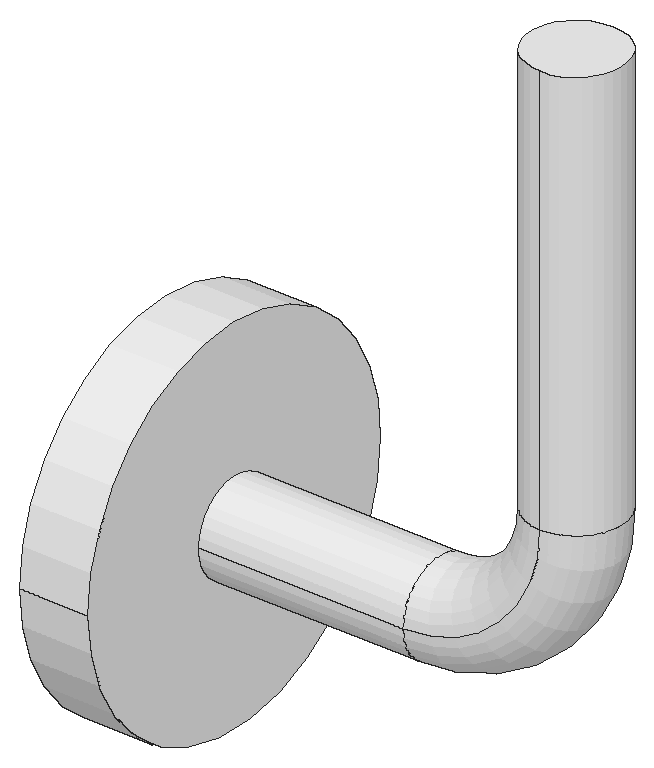
Revit family "001007_Bracket - Wall Mounted Handrail.0002", category 난간동자, Revit 2026
Family settings
  항상 수직 = 예
  로드될 때 보이드를 사용하여 절단 = 아니오
  공유 = 아니오
Parameters (values of type "Handrail - Bracket")
  built-in parameter 1008623 [instance] = 38.00°
  built-in parameter 1008625 [instance] = (empty or 0)
  Post = no
  built-in parameter 1008624 [instance] = 38.00°
  Baluster Material = Metal - Stainless Steel
  built-in parameter 1008622 [instance] = 900 mm
  Assembly Code = ""
Reference planes
  plane 1 "Center (Front/Back)": y = 0
  plane 2: z = 0
  plane 3 "Top": z = 900
  plane 4 "Top Cut Angle": through (0, 436.633, 558.865) normal (0, -0.6157, -0.788)
  plane 5 "Bottom Cut Angle": through (0, 0, 0) normal (0, -0.6157, -0.788)
  plane 6: z = 880.95
  plane 7: x = -57.15
  plane 8: z = 823.8
  plane 9: z = 804.75
  plane 10: z = 1052.4
  plane 11: y = 153.029
  plane 12: y = -152.02
  plane 13: x = 0
  plane 14: x = -47.625
  plane 15: x = 25.4
Forms (mm)
  Extrusion 1, solid, material "Metal - Stainless Steel" <- "Baluster Material", detail levels medium+fine
    sketch origin (0, 0, 0) x (0, 1, 0) y (0, 0, 1)
      loop
        circle (0, 804.75) r 25.4
    from -57.15 to -47.625
  Sweep 2, solid, material "Metal - Stainless Steel" <- "Baluster Material", detail levels medium+fine
    path origin (-175.107, 0, 5.016) x (1, 0, 0) y (0, 0, 1)
      loop
        line (175.107, 875.934) -> (175.107, 818.784)
        arc (175.107, 818.784) -> (169.527, 805.313) -> (156.057, 799.734) r 19.05
        line (156.057, 799.734) -> (127.482, 799.734)
    profile origin (0, 0, 852.375) x (0, -1, 0) y (1, 0, 0)
      loop
        circle (0, 0) r 6.35
Text (mm)
  text "Baluster Elevation" at (0, 1437.503, 1234.25), in view "Left"
Dimensions and locks
  "built-in parameter 1008622": plane 2 to plane 3 "Top"
  locked: plane 3 "Top" to plane 6 at 19.05
  plane 9 to plane 8 to plane 3 "Top" = 19.05 mm locked, 76.2 mm locked
  locked: plane 3 "Top" to plane 10 at 152.4
  locked: plane 7 to plane 13 at 57.15
  locked: plane 7 to plane 14 at 9.525
  "built-in parameter 1008623": angle plane 3 "Top" to plane 4 "Top Cut Angle"
  "built-in parameter 1008624": angle level to plane 5 "Bottom Cut Angle"
  aligned and locked: plane 9 to Sweep 2 sketch curve
  aligned and locked: plane 7 to Extrusion 1
  aligned and locked: plane 13 to Sweep 2 sketch curve
  aligned and locked: plane 6 to Sweep 2 sketch curve
Automatic sketch dimensions
  Extrusion 1 sketch curve to plane 1 "Center (Front/Back)" = 0 mm
  Extrusion 1 sketch curve to plane 9 = 0 mm
  Sweep 2 sketch curve to plane 1 "Center (Front/Back)" = 0 mm
  Sweep 2 sketch curve to profile plane = 0 mm
  Sweep 2 sketch curve to plane 14 = 0 mm
  Sweep 2 sketch curve to plane 8 = 0 mm
  radius of Extrusion 1 sketch curve = 25.4 mm
  radius of Sweep 2 sketch curve = 6.35 mm
